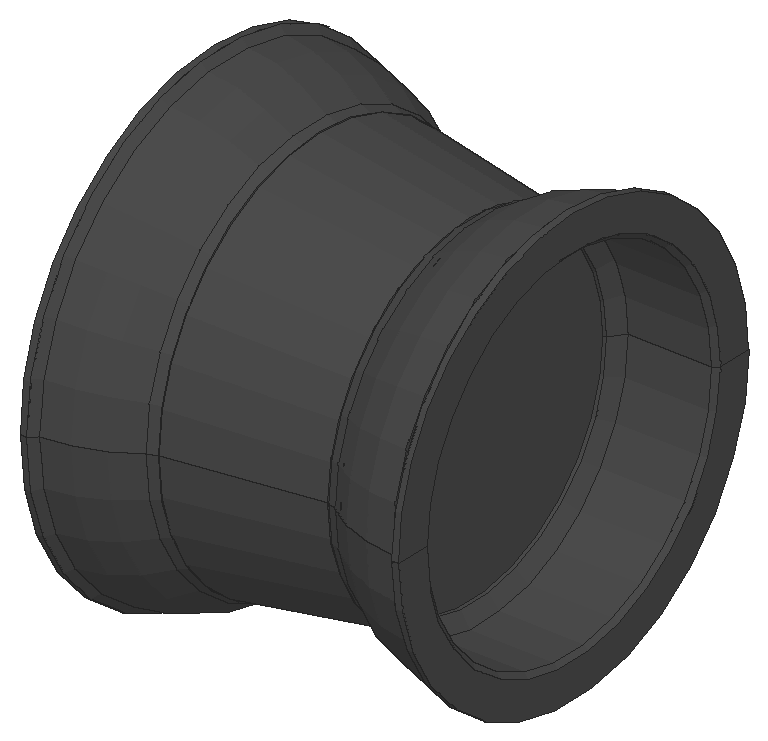
Revit family "FoFo_BB_ReducCon", category Pipe Fittings, Revit 2025
Family settings
  Round Connector Dimension = Use Radius
  Part Type = Transition
  OmniClass Number = 23.60.30.11.14
  OmniClass Title = Pipework Fittings
  Work Plane-Based = Yes
  Always vertical = No
  Cut with Voids When Loaded = No
  Shared = Yes
Parameters (values of type "RJGS_0400x350")
  DN2 = "350"
  Material_Conexao = FOFO
  Manufacturer = "SGC"
  Loss Method = K Coefficient from Table
  K Coefficient Table = "Tee"
  Junta_2_Tipo = FoFo_BO_Junta : JGS_0350
  Junta_1_Tipo = FoFo_BO_Junta : JGS_0400
  Description = "Redução concêntrica"
  Default Elevation = 0.0 mm
  DN1 = "400"
  Corpo_RE2 = 0.5 * Corpo_DE2  # 189.0 mm
  Corpo_L = 160.0 mm
  Corpo_RE1 = 0.5 * Corpo_DE1  # 214.5 mm
  Corpo_DE2 = 378.0 mm
  Corpo_DE1 = 429.0 mm
Reference planes
  plane 1 "EixoP": y = 0
  plane 2: z = 0
  plane 3 "EixoS": x = 468.25
  plane 4 "EE": x = 388.25
  plane 5 "ED": x = 548.25
Forms (mm)
  SweptBlend 1, solid, material "FOFO" <- "Material_Conexao"
    path origin (0, 0, 0) x (1, 0, 0) y (0, 1, 0)
      loop
        line (388.25, 0) -> (548.25, 0)
    profile origin (388.25, 0, 0) x (0, 1, 0) y (0, 0, 1)
      loop
        circle (0, 0) r 214.5
    end profile origin (548.25, 0, 0) x (0, 1, 0) y (0, 0, 1)
      loop
        circle (0, 0) r 189
Lines and regions (mm)
  model lines, style "PipeFittingCenterLine", detail levels coarse
    curve 1: line (388.25, 0, 0) -> (548.25, 0, 0)
    curve 2: line (388.25, 15, 0) -> (388.25, -15, 0)
  model lines, detail levels coarse
    curve 3: line (388.25, 15, 0) -> (548.25, 0, 0)
    curve 4: line (388.25, -15, 0) -> (548.25, 0, 0)
Dimensions and locks
  "Corpo_L": plane 4 "EE" to plane 5 "ED"
  equal spacing: plane 4 "EE", plane 3 "EixoS", plane 5 "ED"
  "Corpo_DE1": diameter of SweptBlend 1 sketch curve
  "Corpo_DE2": diameter of SweptBlend 1 sketch curve
  aligned and locked: plane 4 "EE" to SweptBlend 1 sketch curve
  aligned and locked: plane 1 "EixoP" to SweptBlend 1 sketch curve
  aligned and locked: plane 4 "EE" to curve 1
  aligned and locked: plane 1 "EixoP" to curve 1
  aligned and locked: nested 1 to SweptBlend 1
  aligned and locked: nested 2 to plane 4 "EE"
Automatic sketch dimensions
  SweptBlend 1 sketch curve to plane 5 "ED" = 0.0 mm
  SweptBlend 1 sketch curve to level = 0.0 mm  (x2)
  SweptBlend 1 sketch curve to profile plane = 0.0 mm  (x2)
  curve 4 to plane 5 "ED" = 0.0 mm
  curve 3 to plane 1 "EixoP" = 15.0 mm
  plane 1 "EixoP" to curve 4 = 15.0 mm
Nested families
  nested 1: "FoFo_BO_Junta" at (-2070, 0, 0), type <- "Junta_2_Tipo", type "JGS_0350"
  nested 2: "FoFo_BO_Junta" at (3006.5, 0, 0) x (-1, 0, 0) z (0, 0, 1), type <- "Junta_1_Tipo", type "JGS_0400"
Connectors
  piping at (548.25, 0, 0), diameter 378, driven by "Corpo_RE2"
    settings: on SweptBlend 1, index 1, connector inside diameter 24", connector length 0.0 mm, flow factor 0, pipe flow 0 GPM, pressure drop 0.00 psi, fitting loss kfactor 0, connector angle 0.00°, fixture units 0, engagement length 0.0 mm, angle of deflection 0.00°, flow configuration 0, flow direction 0, fitting loss method 0, system type 7, joint type 0, gender type 0, connector reference index -1, connector utility 0, adjustable connector no, is connector primary yes, connector description ""
  piping at (388.25, 0, 0), diameter 429, driven by "Corpo_RE1"
    settings: on SweptBlend 1, index 2, connector inside diameter 24", connector length 0.0 mm, flow factor 0, pipe flow 0 GPM, pressure drop 0.00 psi, fitting loss kfactor 0, connector angle 0.00°, fixture units 0, engagement length 0.0 mm, angle of deflection 0.00°, flow configuration 0, flow direction 0, fitting loss method 0, system type 7, joint type 0, gender type 0, connector reference index -1, connector utility 0, adjustable connector no, is connector primary no, connector description ""
Definition of nested family "FoFo_BO_Junta"
  Parameters (values of type "JGS_0400")
    Manufacturer = "SGC"
    Loss Method = 1
    K Coefficient Table = "Tee"
    Description = "Bolsas JGS - JTI - JTE"
    Default Elevation = 0.0 mm
    DN = "400"
    Bolsa_RL = 0.5 * Bolsa_DL  # 200.0 mm
    Material_Conexao = none
    Bolsa_DL = 400.0 mm
    Bolsa_Borde3 = Bolsa_Borde1 * 1.1  # 7.7 mm
    Bolsa_Borde1 = 7.0 mm
    Bolsa_RI = 0.5 * Bolsa_DI  # 216.0 mm
    Bolsa_RE = 0.5 * Bolsa_DE  # 214.5 mm
    Bolsa_RB = 0.5 * Bolsa_DB  # 258.5 mm
    Bolsa_Borde2 = Bolsa_Borde1 * 2  # 14.0 mm
    Bolsa_P = 112.0 mm
    Bolsa_E2 = 0.5 * Bolsa_E  # 3.0 mm
    Bolsa_E = 6.0 mm
    Bolsa_DI = 432.0 mm
    Bolsa_DE = 429.0 mm
    Bolsa_DB = 517.0 mm
  Types (16, lengths in mm): name | DN | Bolsa_RL | Bolsa_DL | Bolsa_RI | Bolsa_RE | Bolsa_RB | Bolsa_P | Bolsa_DI | Bolsa_DE | Bolsa_DB
    JGS_1200 | "1200" | 600.0 | 1200.0 | 629.0 | 627.5 | 706.0 | 167.0 | 1258.0 | 1255.0 | 1412.0
    JGS_1000 | "1000" | 500.0 | 1000.0 | 525.5 | 524.0 | 595.5 | 157.0 | 1051.0 | 1048.0 | 1191.0
    JGS_0900 | "900" | 450.0 | 900.0 | 474.0 | 472.5 | 541.0 | 147.0 | 948.0 | 945.0 | 1082.0
    JGS_0800 | "800" | 400.0 | 800.0 | 422.5 | 421.0 | 487.0 | 147.0 | 845.0 | 842.0 | 974.0
    JGS_0700 | "700" | 350.0 | 700.0 | 370.5 | 369.0 | 431.5 | 147.0 | 741.0 | 738.0 | 863.0
    JGS_0600 | "600" | 300.0 | 600.0 | 319.0 | 317.5 | 369.5 | 122.0 | 638.0 | 635.0 | 739.0
    JGS_0500 | "500" | 250.0 | 500.0 | 267.5 | 266.0 | 315.0 | 117.0 | 535.0 | 532.0 | 630.0
    JGS_0450 | "450" | 225.0 | 450.0 | 241.5 | 240.0 | 287.5 | 115.0 | 483.0 | 480.0 | 575.0
    JGS_0400 | "400" | 200.0 | 400.0 | 216.0 | 214.5 | 258.5 | 112.0 | 432.0 | 429.0 | 517.0
    JGS_0350 | "350" | 175.0 | 350.0 | 190.5 | 189.0 | 232.5 | 110.0 | 381.0 | 378.0 | 465.0
    JGS_0300 | "300" | 150.0 | 300.0 | 164.5 | 163.0 | 205.0 | 107.0 | 329.0 | 326.0 | 410.0
    JGS_0250 | "250" | 125.0 | 250.0 | 138.5 | 137.0 | 176.5 | 105.0 | 277.0 | 274.0 | 353.0
    JGS_0200 | "200" | 100.0 | 200.0 | 112.5 | 111.0 | 148.0 | 106.0 | 225.0 | 222.0 | 296.0
    JGS_0150 | "150" | 75.0 | 150.0 | 86.5 | 85.0 | 121.5 | 100.0 | 173.0 | 170.0 | 243.0
    JGS_0100 | "100" | 50.0 | 100.0 | 60.5 | 59.0 | 94.5 | 94.0 | 121.0 | 118.0 | 189.0
    JGS_0080 | "80" | 40.0 | 80.0 | 50.5 | 49.0 | 84.0 | 92.0 | 101.0 | 98.0 | 168.0
  Reference planes
    plane 1 "EixoP": y = 0
    plane 2: z = 0
    plane 3 "EixoS": x = 2618.25
    plane 4: x = 2730.25
    plane 5: y = 258.5
    plane 6: y = 216
    plane 7: y = 214.5
    plane 8: y = 200
  Forms (mm)
    Revolve 1, solid, material <- "Material_Conexao"
      sketch origin (-3000, 0, 0) x (1, 0, 0) y (0, 1, 0)
        loop
          arc (5716.25, 250.8) -> (5670.117, 241.457) -> (5628.857, 218.804) r 156.302
          line (5628.857, 218.804) -> (5618.25, 214.5) -> (5618.25, 200.5) -> (5623.25, 200.5) -> (5633.25, 216) -> (5725.25, 216) -> (5730.25, 221) -> (5730.25, 258.5) -> (5723.25, 258.5) -> (5716.25, 250.8)
        axis (5618.25, 0) -> (5730.25, 0)
      angle from 0 to 360
  Lines and regions (mm)
    model lines, detail levels coarse
      curve 1: line (2618.25, 0, 0) -> (2648.25, 0, 0)
      curve 2: arc (2698.25, 50, 0) -> (2648.25, 0, 0) -> (2698.25, -50, 0) r 50
  Dimensions and locks
    "Bolsa_Borde1": Revolve 1 sketch curve to Revolve 1 sketch curve
    "Bolsa_Borde2": Revolve 1 sketch curve to Revolve 1 sketch curve
    "Bolsa_Borde3": Revolve 1 sketch curve to Revolve 1 sketch curve
    "Bolsa_P": plane 3 "EixoS" to Revolve 1 sketch curve
    "Bolsa_P": plane 4 to plane 3 "EixoS"
    "Bolsa_RB": plane 5 to plane 1 "EixoP"
    "Bolsa_RI": plane 6 to plane 1 "EixoP"
    "Bolsa_RE": plane 7 to plane 1 "EixoP"
    "Bolsa_RL": plane 8 to plane 1 "EixoP"
    aligned and locked: Revolve 1 sketch curve to plane 1 "EixoP"
    aligned and locked: Revolve 1 sketch curve to plane 5
    aligned and locked: plane 6 to Revolve 1 sketch curve
  Automatic sketch dimensions
    curve 1 to plane 1 "EixoP" = 0.0 mm
    curve 1 to plane 3 "EixoS" = 0.0 mm
    plane 1 "EixoP" to curve 2 = 0.0 mm
    plane 3 "EixoS" to curve 2 = 80.0 mm
    plane 3 "EixoS" to curve 1 = 30.0 mm
    Revolve 1 sketch curve to plane 3 "EixoS" = 0.0 mm  (x2)
    Revolve 1 sketch curve to plane 7 = 0.0 mm
    plane 8 to Revolve 1 sketch curve = 0.5 mm
    plane 3 "EixoS" to Revolve 1 sketch curve = 5.0 mm
    plane 6 to Revolve 1 sketch curve = 2.804 mm
    plane 3 "EixoS" to Revolve 1 sketch curve = 10.607 mm
    Revolve 1 sketch curve to Revolve 1 sketch curve = 4.393 mm
    Revolve 1 sketch curve to plane 4 = 6.397 mm
    Revolve 1 sketch curve to plane 4 = 5.0 mm
    plane 6 to Revolve 1 sketch curve = 5.0 mm
    plane 4 to Revolve 1 sketch curve = 9.153 mm
Types in the file's own list only (16): name | DN2 | Junta_2_Tipo | Junta_1_Tipo | DN1 | Corpo_RE2 | Corpo_L | Corpo_RE1 | Corpo_DE2 | Corpo_DE1
  RJGS_0350x200 | "200" | FoFo_BO_Junta : JGS_0200 | FoFo_BO_Junta : JGS_0350 | "350" | 111.0 mm | 360.0 mm | 189.0 mm | 222.0 mm | 378.0 mm
  RJGS_0350x250 | "250" | FoFo_BO_Junta : JGS_0250 | FoFo_BO_Junta : JGS_0350 | "350" | 137.0 mm | 260.0 mm | 189.0 mm | 274.0 mm | 378.0 mm
  RJGS_0350x300 | "300" | FoFo_BO_Junta : JGS_0300 | FoFo_BO_Junta : JGS_0350 | "350" | 163.0 mm | 160.0 mm | 189.0 mm | 326.0 mm | 378.0 mm
  RJGS_0400x250 | "250" | FoFo_BO_Junta : JGS_0250 | FoFo_BO_Junta : JGS_0400 | "400" | 137.0 mm | 360.0 mm | 214.5 mm | 274.0 mm | 429.0 mm
  RJGS_0400x300 | "300" | FoFo_BO_Junta : JGS_0300 | FoFo_BO_Junta : JGS_0400 | "400" | 163.0 mm | 260.0 mm | 214.5 mm | 326.0 mm | 429.0 mm
  RJGS_0500x350 | "350" | FoFo_BO_Junta : JGS_0350 | FoFo_BO_Junta : JGS_0500 | "500" | 189.0 mm | 360.0 mm | 266.0 mm | 378.0 mm | 532.0 mm
  RJGS_0500x400 | "400" | FoFo_BO_Junta : JGS_0400 | FoFo_BO_Junta : JGS_0500 | "500" | 214.5 mm | 260.0 mm | 266.0 mm | 429.0 mm | 532.0 mm
  RJGS_0600x400 | "400" | FoFo_BO_Junta : JGS_0400 | FoFo_BO_Junta : JGS_0600 | "600" | 214.5 mm | 460.0 mm | 317.5 mm | 429.0 mm | 635.0 mm
  RJGS_0600x500 | "500" | FoFo_BO_Junta : JGS_0500 | FoFo_BO_Junta : JGS_0600 | "600" | 266.0 mm | 260.0 mm | 317.5 mm | 532.0 mm | 635.0 mm
  RJGS_0700x500 | "500" | FoFo_BO_Junta : JGS_0500 | FoFo_BO_Junta : JGS_0700 | "700" | 266.0 mm | 480.0 mm | 369.0 mm | 532.0 mm | 738.0 mm
  RJGS_0700x600 | "600" | FoFo_BO_Junta : JGS_0600 | FoFo_BO_Junta : JGS_0700 | "700" | 317.5 mm | 280.0 mm | 369.0 mm | 635.0 mm | 738.0 mm
  RJGS_0800x600 | "600" | FoFo_BO_Junta : JGS_0600 | FoFo_BO_Junta : JGS_0800 | "800" | 317.5 mm | 480.0 mm | 421.0 mm | 635.0 mm | 842.0 mm
  RJGS_0900x700 | "700" | FoFo_BO_Junta : JGS_0700 | FoFo_BO_Junta : JGS_0900 | "900" | 369.0 mm | 480.0 mm | 472.5 mm | 738.0 mm | 945.0 mm
  RJGS_1000x800 | "800" | FoFo_BO_Junta : JGS_0800 | FoFo_BO_Junta : JGS_1000 | "1000" | 421.0 mm | 480.0 mm | 524.0 mm | 842.0 mm | 1048.0 mm
  RJGS_1000x900 | "900" | FoFo_BO_Junta : JGS_0900 | FoFo_BO_Junta : JGS_1000 | "1000" | 472.5 mm | 280.0 mm | 524.0 mm | 945.0 mm | 1048.0 mm
  RJGS_1200x1000 | "1000" | FoFo_BO_Junta : JGS_1000 | FoFo_BO_Junta : JGS_1200 | "1200" | 524.0 mm | 480.0 mm | 627.5 mm | 1048.0 mm | 1255.0 mm
